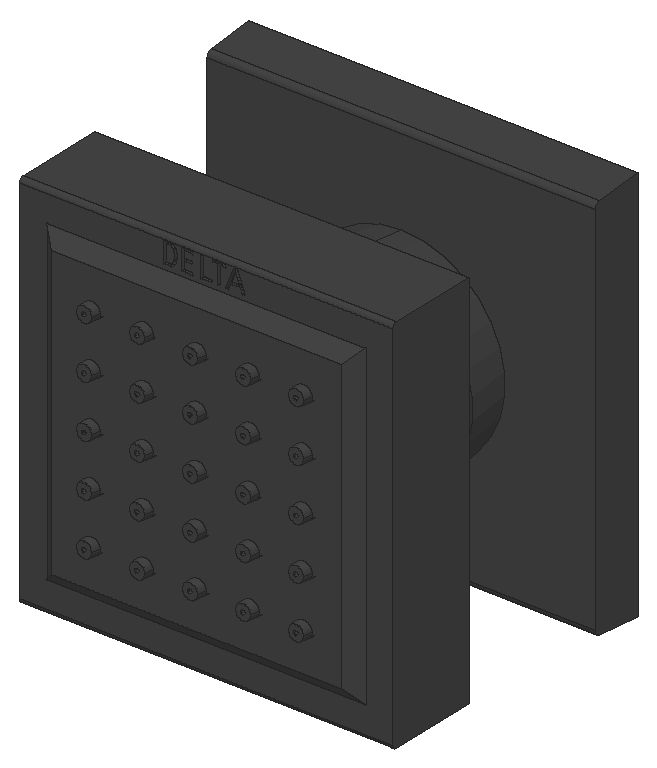
Revit family "Delta Bath Ara 50150", category Plumbing Fixtures, host Wall, Revit 2013
Parameters (values of type "Delta Bath Trinsic 50150")
  URL = "http://www.deltafaucet.com "
  Shower = Stainless Steel
  Model = "50150"
  Manufacturer = "Delta"
  Depth = 0' - 3.31033"
Reference planes (in)
  plane 1: y = -0.0625
  plane 2 "Center (Left/Right)": x = 0
  plane 3 "Wall Edge": y = 2.9375
  plane 4: y = -3.0625
Forms (in)
  Extrusion 1, solid, material "Stainless Steel" <- "Shower", not visible
    sketch origin (0, 0, -14.75) x (0, 1, 0) y (0, 0, 1)
      loop
        line (-3.0625, 88.80455) -> (-3.53785, 88.75702)
        arc (-3.53785, 88.75702) -> (-3.57576, 88.73788) -> (-3.59103, 88.69826) r 0.05906
        line (-3.59103, 88.69826) -> (-3.59103, 84.90427)
        arc (-3.59103, 84.90427) -> (-3.57576, 84.86464) -> (-3.53785, 84.84551) r 0.05906
        line (-3.53785, 84.84551) -> (-3.0625, 84.79797) -> (-3.0625, 88.80455)
    from -1.95414 to 1.95414
  Revolve 2, solid, material "Stainless Steel" <- "Shower", not visible
    sketch origin (0, 0, -14.75) x (0, 1, 0) y (0, 0, 1)
      loop
        line (-4.44184, 87.91599) -> (-4.44184, 86.79962) -> (-3.59103, 86.79962) -> (-3.59103, 87.83746)
        arc (-3.59103, 87.83746) -> (-3.83377, 87.85572) -> (-4.07371, 87.89677) r 2.57994
        arc (-4.07371, 87.89677) -> (-4.25698, 87.92155) -> (-4.44184, 87.91599) r 1.12546
      axis (-3.59103, 86.79962) -> (-4.44184, 86.79962)
    angle from 0 to 360
  Revolve 3, solid, material "Stainless Steel" <- "Shower", not visible
    sketch origin (0, 0, -14.75) x (0, 1, 0) y (0, 0, 1)
      loop
        line (-5.09625, 88.09881) -> (-5.09625, 86.79958) -> (-4.44184, 86.79958) -> (-4.44184, 88.09878) -> (-5.09625, 88.09881)
      axis (-4.44184, 86.79958) -> (-5.09625, 86.79958)
    angle from 0 to 360
  Extrusion 4, solid, material "Stainless Steel" <- "Shower", not visible
    sketch origin (0, 0, -14.75) x (0, 1, 0) y (0, 0, 1)
      loop
        line (-5.09625, 88.71889) -> (-5.9998, 88.71889)
        arc (-5.9998, 88.71889) -> (-6.02903, 88.70678) -> (-6.04113, 88.67755) r 0.04134
        line (-6.04113, 88.67755) -> (-6.04113, 84.92164)
        arc (-6.04113, 84.92164) -> (-6.02903, 84.89241) -> (-5.9998, 84.8803) r 0.04134
        line (-5.9998, 84.8803) -> (-5.09625, 84.8803) -> (-5.09625, 88.71889)
    from -1.87795 to 1.87795
  Blend 5, solid, material "Stainless Steel" <- "Shower", not visible
    base sketch origin (0, 3, -14.75) x (1, 0, 0) y (0, 0, 1)
      loop
        line (1.60592, 88.40551) -> (-1.60592, 88.40551) -> (-1.60592, 85.19368) -> (1.60592, 85.19368) -> (1.60592, 88.40551)
    top sketch origin (0, 2.9375, -14.75) x (1, 0, 0) y (0, 0, 1)
      loop
        line (-1.45828, 88.25788) -> (-1.45828, 85.34131) -> (1.45828, 85.34131) -> (1.45828, 88.25788) -> (-1.45828, 88.25788)
    from 9.04113 to 9.09971
  SweptBlend 6, solid, material "Stainless Steel" <- "Shower", not visible
    path origin (0, 0, -14.75) x (0, 1, 0) y (0, 0, 1)
      loop
        line (-6.24735, 87.86259) -> (-6.09971, 87.86259)
    profile origin (0, -6.24735, 73.11259) x (0, 0, 1) y (1, 0, 0)
      loop
        circle (0, 0) r 0.07573
    end profile origin (0, -6.09971, 73.11259) x (0, 0, 1) y (1, 0, 0)
      loop
        circle (0, 0) r 0.09429
  Extrusion 7, void, not visible
    sketch origin (0, 2.9375, -14.75) x (1, 0, 0) y (0, 0, 1)
      loop
        circle (0, 87.86259) r 0.02362
    from 9.09971 to 9.24735
  SweptBlend 8, solid, material "Stainless Steel" <- "Shower", not visible
    path origin (0, 0, -15.28014) x (0, 1, 0) y (0, 0, 1)
      loop
        line (-6.24735, 87.86259) -> (-6.09971, 87.86259)
    profile origin (0, -6.24735, 72.58245) x (0, 0, 1) y (1, 0, 0)
      loop
        circle (0, 0) r 0.07573
    end profile origin (0, -6.09971, 72.58245) x (0, 0, 1) y (1, 0, 0)
      loop
        circle (0, 0) r 0.09429
  Extrusion 9, void, not visible
    sketch origin (0, 2.9375, -15.28014) x (1, 0, 0) y (0, 0, 1)
      loop
        circle (0, 87.86259) r 0.02362
    from 9.16221 to 9.24735
  SweptBlend 10, solid, material "Stainless Steel" <- "Shower", not visible
    path origin (0, 0, -15.81299) x (0, 1, 0) y (0, 0, 1)
      loop
        line (-6.24735, 87.86259) -> (-6.09971, 87.86259)
    profile origin (0, -6.24735, 72.04959) x (0, 0, 1) y (1, 0, 0)
      loop
        circle (0, 0) r 0.07573
    end profile origin (0, -6.09971, 72.04959) x (0, 0, 1) y (1, 0, 0)
      loop
        circle (0, 0) r 0.09429
  Extrusion 11, void, not visible
    sketch origin (0, 2.9375, -15.81299) x (1, 0, 0) y (0, 0, 1)
      loop
        circle (0, 87.86259) r 0.02362
    from 9.09971 to 9.24735
  SweptBlend 12, solid, material "Stainless Steel" <- "Shower", not visible
    path origin (0, 0, -16.34313) x (0, 1, 0) y (0, 0, 1)
      loop
        line (-6.24735, 87.86259) -> (-6.09971, 87.86259)
    profile origin (0, -6.24735, 71.51946) x (0, 0, 1) y (1, 0, 0)
      loop
        circle (0, 0) r 0.07573
    end profile origin (0, -6.09971, 71.51946) x (0, 0, 1) y (1, 0, 0)
      loop
        circle (0, 0) r 0.09429
  Extrusion 13, void, not visible
    sketch origin (0, 2.9375, -16.34313) x (1, 0, 0) y (0, 0, 1)
      loop
        circle (0, 87.86259) r 0.02362
    from 9.09971 to 9.24735
  SweptBlend 14, solid, material "Stainless Steel" <- "Shower", not visible
    path origin (0, 0, -16.87293) x (0, 1, 0) y (0, 0, 1)
      loop
        line (-6.24735, 87.86259) -> (-6.09971, 87.86259)
    profile origin (0, -6.24735, 70.98966) x (0, 0, 1) y (1, 0, 0)
      loop
        circle (0, 0) r 0.07573
    end profile origin (0, -6.09971, 70.98966) x (0, 0, 1) y (1, 0, 0)
      loop
        circle (0, 0) r 0.09429
  Extrusion 15, void, not visible
    sketch origin (0, 2.9375, -16.87293) x (1, 0, 0) y (0, 0, 1)
      loop
        circle (0, 87.86259) r 0.02362
    from 9.09971 to 9.24735
  SweptBlend 16, solid, material "Stainless Steel" <- "Shower", not visible
    path origin (0.5332, 0, -14.75) x (0, 1, 0) y (0, 0, 1)
      loop
        line (-6.24735, 87.86259) -> (-6.09971, 87.86259)
    profile origin (0.5332, -6.24735, 73.11259) x (0, 0, 1) y (1, 0, 0)
      loop
        circle (0, 0) r 0.07573
    end profile origin (0.5332, -6.09971, 73.11259) x (0, 0, 1) y (1, 0, 0)
      loop
        circle (0, 0) r 0.09429
  Extrusion 17, void, not visible
    sketch origin (0.5332, 2.9375, -14.75) x (1, 0, 0) y (0, 0, 1)
      loop
        circle (0, 87.86259) r 0.02362
    from 9.09971 to 9.24735
  SweptBlend 18, solid, material "Stainless Steel" <- "Shower", not visible
    path origin (0.5332, 0, -15.28014) x (0, 1, 0) y (0, 0, 1)
      loop
        line (-6.24735, 87.86259) -> (-6.09971, 87.86259)
    profile origin (0.5332, -6.24735, 72.58245) x (0, 0, 1) y (1, 0, 0)
      loop
        circle (0, 0) r 0.07573
    end profile origin (0.5332, -6.09971, 72.58245) x (0, 0, 1) y (1, 0, 0)
      loop
        circle (0, 0) r 0.09429
  Extrusion 19, void, not visible
    sketch origin (0.5332, 2.9375, -15.28014) x (1, 0, 0) y (0, 0, 1)
      loop
        circle (0, 87.86259) r 0.02362
    from 9.09971 to 9.24735
  SweptBlend 20, solid, material "Stainless Steel" <- "Shower", not visible
    path origin (0.5332, 0, -15.81299) x (0, 1, 0) y (0, 0, 1)
      loop
        line (-6.24735, 87.86259) -> (-6.09971, 87.86259)
    profile origin (0.5332, -6.24735, 72.04959) x (0, 0, 1) y (1, 0, 0)
      loop
        circle (0, 0) r 0.07573
    end profile origin (0.5332, -6.09971, 72.04959) x (0, 0, 1) y (1, 0, 0)
      loop
        circle (0, 0) r 0.09429
  Extrusion 21, void, not visible
    sketch origin (0.5332, 2.9375, -15.81299) x (1, 0, 0) y (0, 0, 1)
      loop
        circle (0, 87.86259) r 0.02362
    from 9.09971 to 9.24735
  SweptBlend 22, solid, material "Stainless Steel" <- "Shower", not visible
    path origin (0.5332, 0, -16.34313) x (0, 1, 0) y (0, 0, 1)
      loop
        line (-6.24735, 87.86259) -> (-6.09971, 87.86259)
    profile origin (0.5332, -6.24735, 71.51946) x (0, 0, 1) y (1, 0, 0)
      loop
        circle (0, 0) r 0.07573
    end profile origin (0.5332, -6.09971, 71.51946) x (0, 0, 1) y (1, 0, 0)
      loop
        circle (0, 0) r 0.09429
  Extrusion 23, void, not visible
    sketch origin (0.5332, 2.9375, -16.34313) x (1, 0, 0) y (0, 0, 1)
      loop
        circle (0, 87.86259) r 0.02362
    from 9.09971 to 9.24735
  SweptBlend 24, solid, material "Stainless Steel" <- "Shower", not visible
    path origin (0.5332, 0, -16.87293) x (0, 1, 0) y (0, 0, 1)
      loop
        line (-6.24735, 87.86259) -> (-6.09971, 87.86259)
    profile origin (0.5332, -6.24735, 70.98966) x (0, 0, 1) y (1, 0, 0)
      loop
        circle (0, 0) r 0.07573
    end profile origin (0.5332, -6.09971, 70.98966) x (0, 0, 1) y (1, 0, 0)
      loop
        circle (0, 0) r 0.09429
  Extrusion 25, void, not visible
    sketch origin (0.5332, 2.9375, -16.87293) x (1, 0, 0) y (0, 0, 1)
      loop
        circle (0, 87.86259) r 0.02362
    from 9.09971 to 9.24735
  SweptBlend 26, solid, material "Stainless Steel" <- "Shower", not visible
    path origin (1.06647, 0, -14.75) x (0, 1, 0) y (0, 0, 1)
      loop
        line (-6.24735, 87.86259) -> (-6.09971, 87.86259)
    profile origin (1.06647, -6.24735, 73.11259) x (0, 0, 1) y (1, 0, 0)
      loop
        circle (0, 0) r 0.07573
    end profile origin (1.06647, -6.09971, 73.11259) x (0, 0, 1) y (1, 0, 0)
      loop
        circle (0, 0) r 0.09429
  Extrusion 27, void, not visible
    sketch origin (1.06647, 2.9375, -14.75) x (1, 0, 0) y (0, 0, 1)
      loop
        circle (0, 87.86259) r 0.02362
    from 9.09971 to 9.24735
  SweptBlend 28, solid, material "Stainless Steel" <- "Shower", not visible
    path origin (1.06647, 0, -15.28014) x (0, 1, 0) y (0, 0, 1)
      loop
        line (-6.24735, 87.86259) -> (-6.09971, 87.86259)
    profile origin (1.06647, -6.24735, 72.58245) x (0, 0, 1) y (1, 0, 0)
      loop
        circle (0, 0) r 0.07573
    end profile origin (1.06647, -6.09971, 72.58245) x (0, 0, 1) y (1, 0, 0)
      loop
        circle (0, 0) r 0.09429
  Extrusion 29, void, not visible
    sketch origin (1.06647, 2.9375, -15.28014) x (1, 0, 0) y (0, 0, 1)
      loop
        circle (0, 87.86259) r 0.02362
    from 9.09971 to 9.24735
  SweptBlend 30, solid, material "Stainless Steel" <- "Shower", not visible
    path origin (1.06647, 0, -15.81299) x (0, 1, 0) y (0, 0, 1)
      loop
        line (-6.24735, 87.86259) -> (-6.09971, 87.86259)
    profile origin (1.06647, -6.24735, 72.04959) x (0, 0, 1) y (1, 0, 0)
      loop
        circle (0, 0) r 0.07573
    end profile origin (1.06647, -6.09971, 72.04959) x (0, 0, 1) y (1, 0, 0)
      loop
        circle (0, 0) r 0.09429
  Extrusion 31, void, not visible
    sketch origin (1.06647, 2.9375, -15.81299) x (1, 0, 0) y (0, 0, 1)
      loop
        circle (0, 87.86259) r 0.02362
    from 9.09971 to 9.24735
  SweptBlend 32, solid, material "Stainless Steel" <- "Shower", not visible
    path origin (1.06647, 0, -16.34313) x (0, 1, 0) y (0, 0, 1)
      loop
        line (-6.24735, 87.86259) -> (-6.09971, 87.86259)
    profile origin (1.06647, -6.24735, 71.51946) x (0, 0, 1) y (1, 0, 0)
      loop
        circle (0, 0) r 0.07573
    end profile origin (1.06647, -6.09971, 71.51946) x (0, 0, 1) y (1, 0, 0)
      loop
        circle (0, 0) r 0.09429
  Extrusion 33, void, not visible
    sketch origin (1.06647, 2.9375, -16.34313) x (1, 0, 0) y (0, 0, 1)
      loop
        circle (0, 87.86259) r 0.02362
    from 9.09971 to 9.24735
  SweptBlend 34, solid, material "Stainless Steel" <- "Shower", not visible
    path origin (1.06647, 0, -16.87293) x (0, 1, 0) y (0, 0, 1)
      loop
        line (-6.24735, 87.86259) -> (-6.09971, 87.86259)
    profile origin (1.06647, -6.24735, 70.98966) x (0, 0, 1) y (1, 0, 0)
      loop
        circle (0, 0) r 0.07573
    end profile origin (1.06647, -6.09971, 70.98966) x (0, 0, 1) y (1, 0, 0)
      loop
        circle (0, 0) r 0.09429
  Extrusion 35, void, not visible
    sketch origin (1.06647, 2.9375, -16.87293) x (1, 0, 0) y (0, 0, 1)
      loop
        circle (0, 87.86259) r 0.02362
    from 9.09971 to 9.24735
  SweptBlend 36, solid, material "Stainless Steel" <- "Shower", not visible
    path origin (-0.5332, 0, -14.75) x (0, 1, 0) y (0, 0, -1)
      loop
        line (-6.24735, -87.86259) -> (-6.09971, -87.86259)
    profile origin (-0.5332, -6.24735, 73.11259) x (0, 0, -1) y (-1, 0, 0)
      loop
        circle (0, 0) r 0.07573
    end profile origin (-0.5332, -6.09971, 73.11259) x (0, 0, -1) y (-1, 0, 0)
      loop
        circle (0, 0) r 0.09429
  Extrusion 37, void, not visible
    sketch origin (-0.5332, 2.9375, -14.75) x (-1, 0, 0) y (0, 0, -1)
      loop
        circle (0, -87.86259) r 0.02362
    from 9.09971 to 9.24735
  SweptBlend 38, solid, material "Stainless Steel" <- "Shower", not visible
    path origin (-0.5332, 0, -15.28014) x (0, 1, 0) y (0, 0, -1)
      loop
        line (-6.24735, -87.86259) -> (-6.09971, -87.86259)
    profile origin (-0.5332, -6.24735, 72.58245) x (0, 0, -1) y (-1, 0, 0)
      loop
        circle (0, 0) r 0.07573
    end profile origin (-0.5332, -6.09971, 72.58245) x (0, 0, -1) y (-1, 0, 0)
      loop
        circle (0, 0) r 0.09429
  Extrusion 39, void, not visible
    sketch origin (-0.5332, 2.9375, -15.28014) x (-1, 0, 0) y (0, 0, -1)
      loop
        circle (0, -87.86259) r 0.02362
    from 9.09971 to 9.24735
  SweptBlend 40, solid, material "Stainless Steel" <- "Shower", not visible
    path origin (-0.5332, 0, -15.81299) x (0, 1, 0) y (0, 0, -1)
      loop
        line (-6.24735, -87.86259) -> (-6.09971, -87.86259)
    profile origin (-0.5332, -6.24735, 72.04959) x (0, 0, -1) y (-1, 0, 0)
      loop
        circle (0, 0) r 0.07573
    end profile origin (-0.5332, -6.09971, 72.04959) x (0, 0, -1) y (-1, 0, 0)
      loop
        circle (0, 0) r 0.09429
  Extrusion 41, void, not visible
    sketch origin (-0.5332, 2.9375, -15.81299) x (-1, 0, 0) y (0, 0, -1)
      loop
        circle (0, -87.86259) r 0.02362
    from 9.09971 to 9.24735
  SweptBlend 42, solid, material "Stainless Steel" <- "Shower", not visible
    path origin (-0.5332, 0, -16.34313) x (0, 1, 0) y (0, 0, -1)
      loop
        line (-6.24735, -87.86259) -> (-6.09971, -87.86259)
    profile origin (-0.5332, -6.24735, 71.51946) x (0, 0, -1) y (-1, 0, 0)
      loop
        circle (0, 0) r 0.07573
    end profile origin (-0.5332, -6.09971, 71.51946) x (0, 0, -1) y (-1, 0, 0)
      loop
        circle (0, 0) r 0.09429
  Extrusion 43, void, not visible
    sketch origin (-0.5332, 2.9375, -16.34313) x (-1, 0, 0) y (0, 0, -1)
      loop
        circle (0, -87.86259) r 0.02362
    from 9.09971 to 9.24735
  SweptBlend 44, solid, material "Stainless Steel" <- "Shower", not visible
    path origin (-0.5332, 0, -16.87293) x (0, 1, 0) y (0, 0, -1)
      loop
        line (-6.24735, -87.86259) -> (-6.09971, -87.86259)
    profile origin (-0.5332, -6.24735, 70.98966) x (0, 0, -1) y (-1, 0, 0)
      loop
        circle (0, 0) r 0.07573
    end profile origin (-0.5332, -6.09971, 70.98966) x (0, 0, -1) y (-1, 0, 0)
      loop
        circle (0, 0) r 0.09429
  Extrusion 45, void, not visible
    sketch origin (-0.5332, 2.9375, -16.87293) x (-1, 0, 0) y (0, 0, -1)
      loop
        circle (0, -87.86259) r 0.02362
    from 9.09971 to 9.24735
  SweptBlend 46, solid, material "Stainless Steel" <- "Shower", not visible
    path origin (-1.06647, 0, -14.75) x (0, 1, 0) y (0, 0, -1)
      loop
        line (-6.24735, -87.86259) -> (-6.09971, -87.86259)
    profile origin (-1.06647, -6.24735, 73.11259) x (0, 0, -1) y (-1, 0, 0)
      loop
        circle (0, 0) r 0.07573
    end profile origin (-1.06647, -6.09971, 73.11259) x (0, 0, -1) y (-1, 0, 0)
      loop
        circle (0, 0) r 0.09429
  Extrusion 47, void, not visible
    sketch origin (-1.06647, 2.9375, -14.75) x (-1, 0, 0) y (0, 0, -1)
      loop
        circle (0, -87.86259) r 0.02362
    from 9.09971 to 9.24735
  SweptBlend 48, solid, material "Stainless Steel" <- "Shower", not visible
    path origin (-1.06647, -0.00048, -15.28014) x (0, 1, 0) y (0, 0, -1)
      loop
        line (-6.24735, -87.86259) -> (-6.09971, -87.86259)
    profile origin (-1.06647, -6.24783, 72.58245) x (0, 0, -1) y (-1, 0, 0)
      loop
        circle (0, 0) r 0.07573
    end profile origin (-1.06647, -6.10019, 72.58245) x (0, 0, -1) y (-1, 0, 0)
      loop
        circle (0, 0) r 0.09429
  Extrusion 49, void, not visible
    sketch origin (-1.06647, 2.9375, -15.28014) x (-1, 0, 0) y (0, 0, -1)
      loop
        circle (0, -87.86259) r 0.02362
    from 9.09971 to 9.24735
  SweptBlend 50, solid, material "Stainless Steel" <- "Shower", not visible
    path origin (-1.06647, 0, -15.81299) x (0, 1, 0) y (0, 0, -1)
      loop
        line (-6.24735, -87.86259) -> (-6.09971, -87.86259)
    profile origin (-1.06647, -6.24735, 72.04959) x (0, 0, -1) y (-1, 0, 0)
      loop
        circle (0, 0) r 0.07573
    end profile origin (-1.06647, -6.09971, 72.04959) x (0, 0, -1) y (-1, 0, 0)
      loop
        circle (0, 0) r 0.09429
  Extrusion 51, void, not visible
    sketch origin (-1.06647, 2.9375, -15.81299) x (-1, 0, 0) y (0, 0, -1)
      loop
        circle (0, -87.86259) r 0.02362
    from 9.16221 to 9.24735
  SweptBlend 52, solid, material "Stainless Steel" <- "Shower", not visible
    path origin (-1.06647, 0, -16.34313) x (0, 1, 0) y (0, 0, -1)
      loop
        line (-6.24735, -87.86259) -> (-6.09971, -87.86259)
    profile origin (-1.06647, -6.24735, 71.51946) x (0, 0, -1) y (-1, 0, 0)
      loop
        circle (0, 0) r 0.07573
    end profile origin (-1.06647, -6.09971, 71.51946) x (0, 0, -1) y (-1, 0, 0)
      loop
        circle (0, 0) r 0.09429
  Extrusion 53, void, not visible
    sketch origin (-1.06647, 2.9375, -16.34313) x (-1, 0, 0) y (0, 0, -1)
      loop
        circle (0, -87.86259) r 0.02362
    from 9.09971 to 9.24735
  SweptBlend 54, solid, material "Stainless Steel" <- "Shower", not visible
    path origin (-1.06647, 0, -16.87293) x (0, 1, 0) y (0, 0, -1)
      loop
        line (-6.24735, -87.86259) -> (-6.09971, -87.86259)
    profile origin (-1.06647, -6.24735, 70.98966) x (0, 0, -1) y (-1, 0, 0)
      loop
        circle (0, 0) r 0.07573
    end profile origin (-1.06647, -6.09971, 70.98966) x (0, 0, -1) y (-1, 0, 0)
      loop
        circle (0, 0) r 0.09429
  Extrusion 55, void, not visible
    sketch origin (-1.06647, 2.9375, -16.87293) x (-1, 0, 0) y (0, 0, -1)
      loop
        circle (0, -87.86259) r 0.02362
    from 9.09971 to 9.24735
  Sweep 56, void, not visible
    path origin (0, 0, -14.75) x (0, 1, 0) y (0, 0, 1)
      loop
        line (-6.00517, 88.5603) -> (-6.08301, 88.5603)
    profile origin (0, -6.04409, 73.8103) x (0, 0, -1) y (1, 0, 0)
      loop
        line (-0.11034, -0.43422) -> (0.10884, -0.43422) -> (0.10884, -0.37223)
        arc (0.10884, -0.37223) -> (0.09149, -0.324) -> (0.04787, -0.29727) r 0.07663
        arc (0.04787, -0.29727) -> (-0.00075, -0.29216) -> (-0.04937, -0.29727) r 0.23384
        arc (-0.04937, -0.29727) -> (-0.09299, -0.324) -> (-0.11007, -0.37223) r 0.07663
        line (-0.11007, -0.37223) -> (-0.11034, -0.43422)
      loop
        line (0.07757, -0.40322) -> (0.07757, -0.37223)
        arc (0.07757, -0.37223) -> (0.0674, -0.34351) -> (0.04143, -0.32759) r 0.04563
        arc (0.04143, -0.32759) -> (-0.00075, -0.32316) -> (-0.04292, -0.32759) r 0.20284
        arc (-0.04292, -0.32759) -> (-0.0689, -0.34351) -> (-0.07907, -0.37223) r 0.04563
        line (-0.07907, -0.37223) -> (-0.07907, -0.40322) -> (0.07757, -0.40322)
      loop
        line (-0.11034, -0.25419) -> (0.10884, -0.25419) -> (0.10884, -0.13537) -> (0.07757, -0.13537) -> (0.07757, -0.22319) -> (0.01412, -0.22319) -> (0.01412, -0.14123) -> (-0.01688, -0.14123) -> (-0.01688, -0.22319) -> (-0.07934, -0.22319) -> (-0.07934, -0.13537) -> (-0.11034, -0.13537) -> (-0.11034, -0.25419)
      loop
        line (-0.11034, -0.0559) -> (0.10884, -0.0559) -> (0.10884, 0.06292) -> (0.07757, 0.06292) -> (0.07757, -0.0249) -> (-0.11034, -0.0249) -> (-0.11034, -0.0559)
      loop
        line (-0.11034, 0.27863) -> (0.10884, 0.1945) -> (0.10884, 0.2277) -> (0.05769, 0.24734) -> (0.05769, 0.34126) -> (0.10884, 0.36089) -> (0.10884, 0.3941) -> (-0.11034, 0.30996) -> (-0.11034, 0.27863)
      loop
        line (0.10884, 0.14421) -> (-0.07934, 0.14421) -> (-0.07934, 0.1945) -> (-0.11034, 0.1945) -> (-0.11034, 0.06292) -> (-0.07934, 0.06292) -> (-0.07934, 0.11321) -> (0.10884, 0.11321) -> (0.10884, 0.14421)
      loop
        line (0.02669, 0.25924) -> (0.02669, 0.32936) -> (-0.06464, 0.2943) -> (0.02669, 0.25924)
  Extrusion 57, solid, material "Stainless Steel" <- "Shower"
    sketch origin (0, 0, -67.75) x (0, 1, 0) y (0, 0, 1)
      loop
        line (-3.0625, 88.80455) -> (-3.53785, 88.75702)
        arc (-3.53785, 88.75702) -> (-3.57576, 88.73788) -> (-3.59103, 88.69826) r 0.05906
        line (-3.59103, 88.69826) -> (-3.59103, 84.90427)
        arc (-3.59103, 84.90427) -> (-3.57576, 84.86464) -> (-3.53785, 84.84551) r 0.05906
        line (-3.53785, 84.84551) -> (-3.0625, 84.79797) -> (-3.0625, 88.80455)
    from -1.95414 to 1.95414
  Revolve 58, solid, material "Stainless Steel" <- "Shower"
    sketch origin (0, 0, -67.75) x (0, 1, 0) y (0, 0, 1)
      loop
        line (-4.44184, 87.91599) -> (-4.44184, 86.79962) -> (-3.59103, 86.79962) -> (-3.59103, 87.83746)
        arc (-3.59103, 87.83746) -> (-3.83377, 87.85572) -> (-4.07371, 87.89677) r 2.57994
        arc (-4.07371, 87.89677) -> (-4.25698, 87.92155) -> (-4.44184, 87.91599) r 1.12546
      axis (-3.59103, 86.79962) -> (-4.44184, 86.79962)
    angle from 0 to 360
  Revolve 59, solid, material "Stainless Steel" <- "Shower"
    sketch origin (0, 0, -67.75) x (0, 1, 0) y (0, 0, 1)
      loop
        line (-5.09625, 88.09881) -> (-5.09625, 86.79958) -> (-4.44184, 86.79958) -> (-4.44184, 88.09878) -> (-5.09625, 88.09881)
      axis (-4.44184, 86.79958) -> (-5.09625, 86.79958)
    angle from 0 to 360
  Extrusion 60, solid, material "Stainless Steel" <- "Shower"
    sketch origin (0, 0, -67.75) x (0, 1, 0) y (0, 0, 1)
      loop
        line (-5.09625, 88.71889) -> (-5.9998, 88.71889)
        arc (-5.9998, 88.71889) -> (-6.02903, 88.70678) -> (-6.04113, 88.67755) r 0.04134
        line (-6.04113, 88.67755) -> (-6.04113, 84.92164)
        arc (-6.04113, 84.92164) -> (-6.02903, 84.89241) -> (-5.9998, 84.8803) r 0.04134
        line (-5.9998, 84.8803) -> (-5.09625, 84.8803) -> (-5.09625, 88.71889)
    from -1.87795 to 1.87795
  Blend 61, solid, material "Stainless Steel" <- "Shower"
    base sketch origin (0, 3, -67.75) x (1, 0, 0) y (0, 0, 1)
      loop
        line (1.60592, 88.40551) -> (-1.60592, 88.40551) -> (-1.60592, 85.19368) -> (1.60592, 85.19368) -> (1.60592, 88.40551)
    top sketch origin (0, 2.9375, -67.75) x (1, 0, 0) y (0, 0, 1)
      loop
        line (-1.45828, 88.25788) -> (-1.45828, 85.34131) -> (1.45828, 85.34131) -> (1.45828, 88.25788) -> (-1.45828, 88.25788)
    from 9.04113 to 9.09971
  SweptBlend 62, solid, material "Stainless Steel" <- "Shower"
    path origin (0, 0, -67.75) x (0, 1, 0) y (0, 0, 1)
      loop
        line (-6.24735, 87.86259) -> (-6.09971, 87.86259)
    profile origin (0, -6.24735, 20.11259) x (0, 0, 1) y (1, 0, 0)
      loop
        circle (0, 0) r 0.07573
    end profile origin (0, -6.09971, 20.11259) x (0, 0, 1) y (1, 0, 0)
      loop
        circle (0, 0) r 0.09429
  Extrusion 63, void
    sketch origin (0, 2.9375, -67.75) x (1, 0, 0) y (0, 0, 1)
      loop
        circle (0, 87.86259) r 0.02362
    from 9.09971 to 9.24735
  SweptBlend 64, solid, material "Stainless Steel" <- "Shower"
    path origin (0, 0, -68.28014) x (0, 1, 0) y (0, 0, 1)
      loop
        line (-6.24735, 87.86259) -> (-6.09971, 87.86259)
    profile origin (0, -6.24735, 19.58245) x (0, 0, 1) y (1, 0, 0)
      loop
        circle (0, 0) r 0.07573
    end profile origin (0, -6.09971, 19.58245) x (0, 0, 1) y (1, 0, 0)
      loop
        circle (0, 0) r 0.09429
  Extrusion 65, void
    sketch origin (0, 2.9375, -68.28014) x (1, 0, 0) y (0, 0, 1)
      loop
        circle (0, 87.86259) r 0.02362
    from 9.16221 to 9.24735
  SweptBlend 66, solid, material "Stainless Steel" <- "Shower"
    path origin (0, 0, -68.81299) x (0, 1, 0) y (0, 0, 1)
      loop
        line (-6.24735, 87.86259) -> (-6.09971, 87.86259)
    profile origin (0, -6.24735, 19.04959) x (0, 0, 1) y (1, 0, 0)
      loop
        circle (0, 0) r 0.07573
    end profile origin (0, -6.09971, 19.04959) x (0, 0, 1) y (1, 0, 0)
      loop
        circle (0, 0) r 0.09429
  Extrusion 67, void
    sketch origin (0, 2.9375, -68.81299) x (1, 0, 0) y (0, 0, 1)
      loop
        circle (0, 87.86259) r 0.02362
    from 9.09971 to 9.24735
  SweptBlend 68, solid, material "Stainless Steel" <- "Shower"
    path origin (0, 0, -69.34313) x (0, 1, 0) y (0, 0, 1)
      loop
        line (-6.24735, 87.86259) -> (-6.09971, 87.86259)
    profile origin (0, -6.24735, 18.51946) x (0, 0, 1) y (1, 0, 0)
      loop
        circle (0, 0) r 0.07573
    end profile origin (0, -6.09971, 18.51946) x (0, 0, 1) y (1, 0, 0)
      loop
        circle (0, 0) r 0.09429
  Extrusion 69, void
    sketch origin (0, 2.9375, -69.34313) x (1, 0, 0) y (0, 0, 1)
      loop
        circle (0, 87.86259) r 0.02362
    from 9.09971 to 9.24735
  SweptBlend 70, solid, material "Stainless Steel" <- "Shower"
    path origin (0, 0, -69.87293) x (0, 1, 0) y (0, 0, 1)
      loop
        line (-6.24735, 87.86259) -> (-6.09971, 87.86259)
    profile origin (0, -6.24735, 17.98966) x (0, 0, 1) y (1, 0, 0)
      loop
        circle (0, 0) r 0.07573
    end profile origin (0, -6.09971, 17.98966) x (0, 0, 1) y (1, 0, 0)
      loop
        circle (0, 0) r 0.09429
  Extrusion 71, void
    sketch origin (0, 2.9375, -69.87293) x (1, 0, 0) y (0, 0, 1)
      loop
        circle (0, 87.86259) r 0.02362
    from 9.09971 to 9.24735
  SweptBlend 72, solid, material "Stainless Steel" <- "Shower"
    path origin (0.5332, 0, -67.75) x (0, 1, 0) y (0, 0, 1)
      loop
        line (-6.24735, 87.86259) -> (-6.09971, 87.86259)
    profile origin (0.5332, -6.24735, 20.11259) x (0, 0, 1) y (1, 0, 0)
      loop
        circle (0, 0) r 0.07573
    end profile origin (0.5332, -6.09971, 20.11259) x (0, 0, 1) y (1, 0, 0)
      loop
        circle (0, 0) r 0.09429
  Extrusion 73, void
    sketch origin (0.5332, 2.9375, -67.75) x (1, 0, 0) y (0, 0, 1)
      loop
        circle (0, 87.86259) r 0.02362
    from 9.09971 to 9.24735
  SweptBlend 74, solid, material "Stainless Steel" <- "Shower"
    path origin (0.5332, 0, -68.28014) x (0, 1, 0) y (0, 0, 1)
      loop
        line (-6.24735, 87.86259) -> (-6.09971, 87.86259)
    profile origin (0.5332, -6.24735, 19.58245) x (0, 0, 1) y (1, 0, 0)
      loop
        circle (0, 0) r 0.07573
    end profile origin (0.5332, -6.09971, 19.58245) x (0, 0, 1) y (1, 0, 0)
      loop
        circle (0, 0) r 0.09429
  Extrusion 75, void
    sketch origin (0.5332, 2.9375, -68.28014) x (1, 0, 0) y (0, 0, 1)
      loop
        circle (0, 87.86259) r 0.02362
    from 9.09971 to 9.24735
  SweptBlend 76, solid, material "Stainless Steel" <- "Shower"
    path origin (0.5332, 0, -68.81299) x (0, 1, 0) y (0, 0, 1)
      loop
        line (-6.24735, 87.86259) -> (-6.09971, 87.86259)
    profile origin (0.5332, -6.24735, 19.04959) x (0, 0, 1) y (1, 0, 0)
      loop
        circle (0, 0) r 0.07573
    end profile origin (0.5332, -6.09971, 19.04959) x (0, 0, 1) y (1, 0, 0)
      loop
        circle (0, 0) r 0.09429
  Extrusion 77, void
    sketch origin (0.5332, 2.9375, -68.81299) x (1, 0, 0) y (0, 0, 1)
      loop
        circle (0, 87.86259) r 0.02362
    from 9.09971 to 9.24735
  SweptBlend 78, solid, material "Stainless Steel" <- "Shower"
    path origin (0.5332, 0, -69.34313) x (0, 1, 0) y (0, 0, 1)
      loop
        line (-6.24735, 87.86259) -> (-6.09971, 87.86259)
    profile origin (0.5332, -6.24735, 18.51946) x (0, 0, 1) y (1, 0, 0)
      loop
        circle (0, 0) r 0.07573
    end profile origin (0.5332, -6.09971, 18.51946) x (0, 0, 1) y (1, 0, 0)
      loop
        circle (0, 0) r 0.09429
  Extrusion 79, void
    sketch origin (0.5332, 2.9375, -69.34313) x (1, 0, 0) y (0, 0, 1)
      loop
        circle (0, 87.86259) r 0.02362
    from 9.09971 to 9.24735
  SweptBlend 80, solid, material "Stainless Steel" <- "Shower"
    path origin (0.5332, 0, -69.87293) x (0, 1, 0) y (0, 0, 1)
      loop
        line (-6.24735, 87.86259) -> (-6.09971, 87.86259)
    profile origin (0.5332, -6.24735, 17.98966) x (0, 0, 1) y (1, 0, 0)
      loop
        circle (0, 0) r 0.07573
    end profile origin (0.5332, -6.09971, 17.98966) x (0, 0, 1) y (1, 0, 0)
      loop
        circle (0, 0) r 0.09429
  Extrusion 81, void
    sketch origin (0.5332, 2.9375, -69.87293) x (1, 0, 0) y (0, 0, 1)
      loop
        circle (0, 87.86259) r 0.02362
    from 9.09971 to 9.24735
  SweptBlend 82, solid, material "Stainless Steel" <- "Shower"
    path origin (1.06647, 0, -67.75) x (0, 1, 0) y (0, 0, 1)
      loop
        line (-6.24735, 87.86259) -> (-6.09971, 87.86259)
    profile origin (1.06647, -6.24735, 20.11259) x (0, 0, 1) y (1, 0, 0)
      loop
        circle (0, 0) r 0.07573
    end profile origin (1.06647, -6.09971, 20.11259) x (0, 0, 1) y (1, 0, 0)
      loop
        circle (0, 0) r 0.09429
  Extrusion 83, void
    sketch origin (1.06647, 2.9375, -67.75) x (1, 0, 0) y (0, 0, 1)
      loop
        circle (0, 87.86259) r 0.02362
    from 9.09971 to 9.24735
  SweptBlend 84, solid, material "Stainless Steel" <- "Shower"
    path origin (1.06647, 0, -68.28014) x (0, 1, 0) y (0, 0, 1)
      loop
        line (-6.24735, 87.86259) -> (-6.09971, 87.86259)
    profile origin (1.06647, -6.24735, 19.58245) x (0, 0, 1) y (1, 0, 0)
      loop
        circle (0, 0) r 0.07573
    end profile origin (1.06647, -6.09971, 19.58245) x (0, 0, 1) y (1, 0, 0)
      loop
        circle (0, 0) r 0.09429
  Extrusion 85, void
    sketch origin (1.06647, 2.9375, -68.28014) x (1, 0, 0) y (0, 0, 1)
      loop
        circle (0, 87.86259) r 0.02362
    from 9.09971 to 9.24735
  SweptBlend 86, solid, material "Stainless Steel" <- "Shower"
    path origin (1.06647, 0, -68.81299) x (0, 1, 0) y (0, 0, 1)
      loop
        line (-6.24735, 87.86259) -> (-6.09971, 87.86259)
    profile origin (1.06647, -6.24735, 19.04959) x (0, 0, 1) y (1, 0, 0)
      loop
        circle (0, 0) r 0.07573
    end profile origin (1.06647, -6.09971, 19.04959) x (0, 0, 1) y (1, 0, 0)
      loop
        circle (0, 0) r 0.09429
  Extrusion 87, void
    sketch origin (1.06647, 2.9375, -68.81299) x (1, 0, 0) y (0, 0, 1)
      loop
        circle (0, 87.86259) r 0.02362
    from 9.09971 to 9.24735
  SweptBlend 88, solid, material "Stainless Steel" <- "Shower"
    path origin (1.06647, 0, -69.34313) x (0, 1, 0) y (0, 0, 1)
      loop
        line (-6.24735, 87.86259) -> (-6.09971, 87.86259)
    profile origin (1.06647, -6.24735, 18.51946) x (0, 0, 1) y (1, 0, 0)
      loop
        circle (0, 0) r 0.07573
    end profile origin (1.06647, -6.09971, 18.51946) x (0, 0, 1) y (1, 0, 0)
      loop
        circle (0, 0) r 0.09429
  Extrusion 89, void
    sketch origin (1.06647, 2.9375, -69.34313) x (1, 0, 0) y (0, 0, 1)
      loop
        circle (0, 87.86259) r 0.02362
    from 9.09971 to 9.24735
  SweptBlend 90, solid, material "Stainless Steel" <- "Shower"
    path origin (1.06647, 0, -69.87293) x (0, 1, 0) y (0, 0, 1)
      loop
        line (-6.24735, 87.86259) -> (-6.09971, 87.86259)
    profile origin (1.06647, -6.24735, 17.98966) x (0, 0, 1) y (1, 0, 0)
      loop
        circle (0, 0) r 0.07573
    end profile origin (1.06647, -6.09971, 17.98966) x (0, 0, 1) y (1, 0, 0)
      loop
        circle (0, 0) r 0.09429
  Extrusion 91, void
    sketch origin (1.06647, 2.9375, -69.87293) x (1, 0, 0) y (0, 0, 1)
      loop
        circle (0, 87.86259) r 0.02362
    from 9.09971 to 9.24735
  SweptBlend 92, solid, material "Stainless Steel" <- "Shower"
    path origin (-0.5332, 0, -67.75) x (0, 1, 0) y (0, 0, -1)
      loop
        line (-6.24735, -87.86259) -> (-6.09971, -87.86259)
    profile origin (-0.5332, -6.24735, 20.11259) x (0, 0, -1) y (-1, 0, 0)
      loop
        circle (0, 0) r 0.07573
    end profile origin (-0.5332, -6.09971, 20.11259) x (0, 0, -1) y (-1, 0, 0)
      loop
        circle (0, 0) r 0.09429
  Extrusion 93, void
    sketch origin (-0.5332, 2.9375, -67.75) x (-1, 0, 0) y (0, 0, -1)
      loop
        circle (0, -87.86259) r 0.02362
    from 9.09971 to 9.24735
  SweptBlend 94, solid, material "Stainless Steel" <- "Shower"
    path origin (-0.5332, 0, -68.28014) x (0, 1, 0) y (0, 0, -1)
      loop
        line (-6.24735, -87.86259) -> (-6.09971, -87.86259)
    profile origin (-0.5332, -6.24735, 19.58245) x (0, 0, -1) y (-1, 0, 0)
      loop
        circle (0, 0) r 0.07573
    end profile origin (-0.5332, -6.09971, 19.58245) x (0, 0, -1) y (-1, 0, 0)
      loop
        circle (0, 0) r 0.09429
  Extrusion 95, void
    sketch origin (-0.5332, 2.9375, -68.28014) x (-1, 0, 0) y (0, 0, -1)
      loop
        circle (0, -87.86259) r 0.02362
    from 9.09971 to 9.24735
  SweptBlend 96, solid, material "Stainless Steel" <- "Shower"
    path origin (-0.5332, 0, -68.81299) x (0, 1, 0) y (0, 0, -1)
      loop
        line (-6.24735, -87.86259) -> (-6.09971, -87.86259)
    profile origin (-0.5332, -6.24735, 19.04959) x (0, 0, -1) y (-1, 0, 0)
      loop
        circle (0, 0) r 0.07573
    end profile origin (-0.5332, -6.09971, 19.04959) x (0, 0, -1) y (-1, 0, 0)
      loop
        circle (0, 0) r 0.09429
  Extrusion 97, void
    sketch origin (-0.5332, 2.9375, -68.81299) x (-1, 0, 0) y (0, 0, -1)
      loop
        circle (0, -87.86259) r 0.02362
    from 9.09971 to 9.24735
  SweptBlend 98, solid, material "Stainless Steel" <- "Shower"
    path origin (-0.5332, 0, -69.34313) x (0, 1, 0) y (0, 0, -1)
      loop
        line (-6.24735, -87.86259) -> (-6.09971, -87.86259)
    profile origin (-0.5332, -6.24735, 18.51946) x (0, 0, -1) y (-1, 0, 0)
      loop
        circle (0, 0) r 0.07573
    end profile origin (-0.5332, -6.09971, 18.51946) x (0, 0, -1) y (-1, 0, 0)
      loop
        circle (0, 0) r 0.09429
  Extrusion 99, void
    sketch origin (-0.5332, 2.9375, -69.34313) x (-1, 0, 0) y (0, 0, -1)
      loop
        circle (0, -87.86259) r 0.02362
    from 9.09971 to 9.24735
  SweptBlend 100, solid, material "Stainless Steel" <- "Shower"
    path origin (-0.5332, 0, -69.87293) x (0, 1, 0) y (0, 0, -1)
      loop
        line (-6.24735, -87.86259) -> (-6.09971, -87.86259)
    profile origin (-0.5332, -6.24735, 17.98966) x (0, 0, -1) y (-1, 0, 0)
      loop
        circle (0, 0) r 0.07573
    end profile origin (-0.5332, -6.09971, 17.98966) x (0, 0, -1) y (-1, 0, 0)
      loop
        circle (0, 0) r 0.09429
  Extrusion 101, void
    sketch origin (-0.5332, 2.9375, -69.87293) x (-1, 0, 0) y (0, 0, -1)
      loop
        circle (0, -87.86259) r 0.02362
    from 9.09971 to 9.24735
  SweptBlend 102, solid, material "Stainless Steel" <- "Shower"
    path origin (-1.06647, 0, -67.75) x (0, 1, 0) y (0, 0, -1)
      loop
        line (-6.24735, -87.86259) -> (-6.09971, -87.86259)
    profile origin (-1.06647, -6.24735, 20.11259) x (0, 0, -1) y (-1, 0, 0)
      loop
        circle (0, 0) r 0.07573
    end profile origin (-1.06647, -6.09971, 20.11259) x (0, 0, -1) y (-1, 0, 0)
      loop
        circle (0, 0) r 0.09429
  Extrusion 103, void
    sketch origin (-1.06647, 2.9375, -67.75) x (-1, 0, 0) y (0, 0, -1)
      loop
        circle (0, -87.86259) r 0.02362
    from 9.09971 to 9.24735
  SweptBlend 104, solid, material "Stainless Steel" <- "Shower"
    path origin (-1.06647, -0.00048, -68.28014) x (0, 1, 0) y (0, 0, -1)
      loop
        line (-6.24735, -87.86259) -> (-6.09971, -87.86259)
    profile origin (-1.06647, -6.24783, 19.58245) x (0, 0, -1) y (-1, 0, 0)
      loop
        circle (0, 0) r 0.07573
    end profile origin (-1.06647, -6.10019, 19.58245) x (0, 0, -1) y (-1, 0, 0)
      loop
        circle (0, 0) r 0.09429
  Extrusion 105, void
    sketch origin (-1.06647, 2.9375, -68.28014) x (-1, 0, 0) y (0, 0, -1)
      loop
        circle (0, -87.86259) r 0.02362
    from 9.09971 to 9.24735
  SweptBlend 106, solid, material "Stainless Steel" <- "Shower"
    path origin (-1.06647, 0, -68.81299) x (0, 1, 0) y (0, 0, -1)
      loop
        line (-6.24735, -87.86259) -> (-6.09971, -87.86259)
    profile origin (-1.06647, -6.24735, 19.04959) x (0, 0, -1) y (-1, 0, 0)
      loop
        circle (0, 0) r 0.07573
    end profile origin (-1.06647, -6.09971, 19.04959) x (0, 0, -1) y (-1, 0, 0)
      loop
        circle (0, 0) r 0.09429
  Extrusion 107, void
    sketch origin (-1.06647, 2.9375, -68.81299) x (-1, 0, 0) y (0, 0, -1)
      loop
        circle (0, -87.86259) r 0.02362
    from 9.16221 to 9.24735
  SweptBlend 108, solid, material "Stainless Steel" <- "Shower"
    path origin (-1.06647, 0, -69.34313) x (0, 1, 0) y (0, 0, -1)
      loop
        line (-6.24735, -87.86259) -> (-6.09971, -87.86259)
    profile origin (-1.06647, -6.24735, 18.51946) x (0, 0, -1) y (-1, 0, 0)
      loop
        circle (0, 0) r 0.07573
    end profile origin (-1.06647, -6.09971, 18.51946) x (0, 0, -1) y (-1, 0, 0)
      loop
        circle (0, 0) r 0.09429
  Extrusion 109, void
    sketch origin (-1.06647, 2.9375, -69.34313) x (-1, 0, 0) y (0, 0, -1)
      loop
        circle (0, -87.86259) r 0.02362
    from 9.09971 to 9.24735
  SweptBlend 110, solid, material "Stainless Steel" <- "Shower"
    path origin (-1.06647, 0, -69.87293) x (0, 1, 0) y (0, 0, -1)
      loop
        line (-6.24735, -87.86259) -> (-6.09971, -87.86259)
    profile origin (-1.06647, -6.24735, 17.98966) x (0, 0, -1) y (-1, 0, 0)
      loop
        circle (0, 0) r 0.07573
    end profile origin (-1.06647, -6.09971, 17.98966) x (0, 0, -1) y (-1, 0, 0)
      loop
        circle (0, 0) r 0.09429
  Extrusion 111, void
    sketch origin (-1.06647, 2.9375, -69.87293) x (-1, 0, 0) y (0, 0, -1)
      loop
        circle (0, -87.86259) r 0.02362
    from 9.09971 to 9.24735
  Sweep 112, void
    path origin (0, 0, -67.75) x (0, 1, 0) y (0, 0, 1)
      loop
        line (-6.00517, 88.5603) -> (-6.08301, 88.5603)
    profile origin (0, -6.04409, 20.8103) x (0, 0, -1) y (1, 0, 0)
      loop
        line (-0.11034, -0.43422) -> (0.10884, -0.43422) -> (0.10884, -0.37223)
        arc (0.10884, -0.37223) -> (0.09149, -0.324) -> (0.04787, -0.29727) r 0.07663
        arc (0.04787, -0.29727) -> (-0.00075, -0.29216) -> (-0.04937, -0.29727) r 0.23384
        arc (-0.04937, -0.29727) -> (-0.09299, -0.324) -> (-0.11007, -0.37223) r 0.07663
        line (-0.11007, -0.37223) -> (-0.11034, -0.43422)
      loop
        line (0.07757, -0.40322) -> (0.07757, -0.37223)
        arc (0.07757, -0.37223) -> (0.0674, -0.34351) -> (0.04143, -0.32759) r 0.04563
        arc (0.04143, -0.32759) -> (-0.00075, -0.32316) -> (-0.04292, -0.32759) r 0.20284
        arc (-0.04292, -0.32759) -> (-0.0689, -0.34351) -> (-0.07907, -0.37223) r 0.04563
        line (-0.07907, -0.37223) -> (-0.07907, -0.40322) -> (0.07757, -0.40322)
      loop
        line (-0.11034, -0.25419) -> (0.10884, -0.25419) -> (0.10884, -0.13537) -> (0.07757, -0.13537) -> (0.07757, -0.22319) -> (0.01412, -0.22319) -> (0.01412, -0.14123) -> (-0.01688, -0.14123) -> (-0.01688, -0.22319) -> (-0.07934, -0.22319) -> (-0.07934, -0.13537) -> (-0.11034, -0.13537) -> (-0.11034, -0.25419)
      loop
        line (-0.11034, -0.0559) -> (0.10884, -0.0559) -> (0.10884, 0.06292) -> (0.07757, 0.06292) -> (0.07757, -0.0249) -> (-0.11034, -0.0249) -> (-0.11034, -0.0559)
      loop
        line (-0.11034, 0.27863) -> (0.10884, 0.1945) -> (0.10884, 0.2277) -> (0.05769, 0.24734) -> (0.05769, 0.34126) -> (0.10884, 0.36089) -> (0.10884, 0.3941) -> (-0.11034, 0.30996) -> (-0.11034, 0.27863)
      loop
        line (0.10884, 0.14421) -> (-0.07934, 0.14421) -> (-0.07934, 0.1945) -> (-0.11034, 0.1945) -> (-0.11034, 0.06292) -> (-0.07934, 0.06292) -> (-0.07934, 0.11321) -> (0.10884, 0.11321) -> (0.10884, 0.14421)
      loop
        line (0.02669, 0.25924) -> (0.02669, 0.32936) -> (-0.06464, 0.2943) -> (0.02669, 0.25924)
Cuts and joins
  Extrusion 63 cuts Blend 61
  Extrusion 63 cuts SweptBlend 62
  Extrusion 65 cuts SweptBlend 64
  Extrusion 67 cuts SweptBlend 66
  Extrusion 69 cuts SweptBlend 68
  Extrusion 71 cuts SweptBlend 70
  Extrusion 73 cuts SweptBlend 72
  Extrusion 75 cuts SweptBlend 74
  Extrusion 77 cuts SweptBlend 76
  Extrusion 79 cuts SweptBlend 78
  Extrusion 81 cuts SweptBlend 80
  Extrusion 83 cuts SweptBlend 82
  Extrusion 85 cuts SweptBlend 84
  Extrusion 87 cuts SweptBlend 86
  Extrusion 89 cuts SweptBlend 88
  Extrusion 91 cuts SweptBlend 90
  Extrusion 93 cuts SweptBlend 92
  Extrusion 95 cuts SweptBlend 94
  Extrusion 97 cuts SweptBlend 96
  Extrusion 99 cuts SweptBlend 98
  Extrusion 101 cuts SweptBlend 100
  Extrusion 103 cuts SweptBlend 102
  Extrusion 105 cuts SweptBlend 104
  Extrusion 107 cuts SweptBlend 106
  Extrusion 109 cuts SweptBlend 108
  Extrusion 111 cuts SweptBlend 110
  Sweep 112 cuts Extrusion 60
Text (in)
  text "Placement Side" at (0, 40.15149, 123.01588), in view "Right"
  text "Placement Side" at (-70.3804, 28.46503, 0), in view "Ref. Level"
  text "Placement Side" at (0, 81.62555, 140.59947), in view "Left"
Dimensions and locks (in)
  host wall to plane 3 "Wall Edge" = 0' - 0"
  aligned and locked: plane 4 to host wall
  aligned and locked: plane 1 to host wall
  aligned and locked: plane 3 "Wall Edge" to host wall
  aligned and locked: Extrusion 107 to Extrusion 65
  aligned and locked: plane 4 to Extrusion 57
Connectors (in)
  piping at (0, -3.0625, 19.05126)
    settings: on Extrusion 57, index 1, connector radius 12", flow factor 0, pipe flow 0 GPM, pressure drop 0.00 psi, fitting loss kfactor 0, connector angle 0.00°, fixture units 0, engagement length 0' - 0", flow configuration 0, flow direction 0, fitting loss method 0, system type 19, joint type 0, gender type 0, connector reference index -1, connector utility 0, adjustable connector no, is connector primary yes, fitting loss table "", connector description ""
